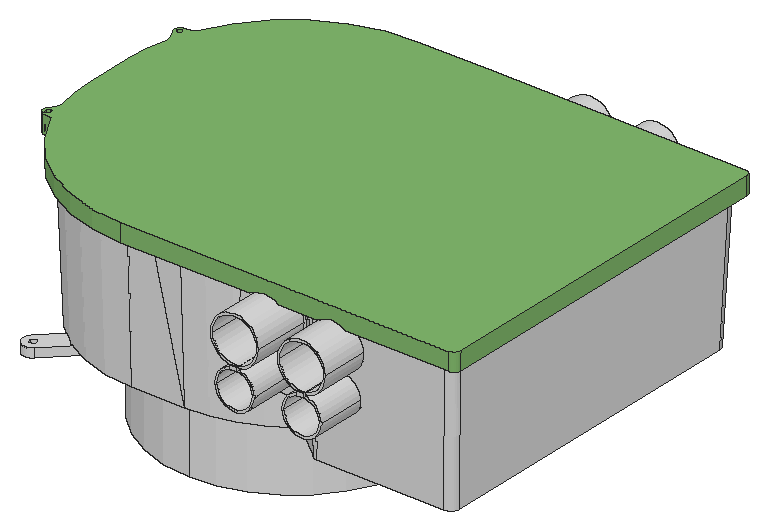
Revit family "E_Cable Junction Box_MEPcontent_Spelsberg_IBTronic XL Drillbox 150_INT-EN", category Electrical Fixtures, Revit 2017
Family settings
  Maintain Annotation Orientation = Yes
  Round Connector Dimension = Use Diameter
  Part Type = Junction Box
  OmniClass Number = 23.80.30.14.24
  OmniClass Title = Junction Boxes
  Work Plane-Based = No
  Always vertical = Yes
  Cut with Voids When Loaded = No
  Shared = No
  Room Calculation Point = No
Parameters (values of type "IBTronic XL Drillbox 150")
  Width = 252 mm
  Voltage = 230 V  # constant formula
  URL = ""
  Side Offset = 2.2 mm
  Side Distance = 11.3 mm
  Rotation W-Axis Total [instance] = [Rotation W-Axis Correction] + [Rotation W-Axis]  # 0.00°
  Rotation W-Axis Default Correction = 0.00°
  Rotation W-Axis Correction = 0.00°
  Rotation W-Axis [instance] = 0.00°
  Rotation V-Axis Total [instance] = [Rotation V-Axis Correction] + [Rotation V-Axis]  # 0.00°
  Rotation V-Axis Default Correction = 0.00°
  Rotation V-Axis Correction = 0.00°
  Rotation V-Axis [instance] = 0.00°
  Rotation U-Axis Total [instance] = [Rotation U-Axis Correction] + [Rotation U-Axis]  # 0.00°
  Rotation U-Axis Default Correction = 0.00°
  Rotation U-Axis Correction = 0.00°
  Rotation U-Axis [instance] = 0.00°
  Revit Version = "2017"  # constant formula
  Product Line = "Spelsberg"  # constant formula
  Power [instance] = 0 VA
  Placeholder Height [instance] = if(or(Bottom Offset < 50 mm, Bottom Offset = 50 mm), 45 mm, if(or(Bottom Offset = 75 mm, Bottom Offset > 75 mm), 70 mm, Bottom Offset - 5 mm))  # 45 mm
  Model = "IBTronic XL Drillbox 150"
  Manufacturer URL = "http://www.spelsberg.com/p/97680401"
  Manufacturer Art. No. = "97680401"
  Manufacturer = "Spelsberg"  # constant formula
  Length = 280 mm
  IFCExportType = "NOTDEFINED"  # constant formula
  IFCExportAs = "IfcJunctionBox"  # constant formula
  Height = 92 mm
  ETIM Article Class = "EC000414"  # constant formula
  Description = "Enclosure IBTronic XL Drillbox"
  Conduit Diameter 2 = 25 mm
  Conduit Diameter 1 = 20 mm
  Bottom Offset [instance] = 50 mm
  Article Type = "IBTronic XL Drillbox 150"
  Article Description = "Enclosure IBTronic XL Drillbox"
  3D Representation = 3DGeometry : 3DGeometry
Types (2, lengths in mm): name | Side Offset | Side Distance | Model | Manufacturer URL | Manufacturer Art. No. | Description | Conduit Diameter 2 | Conduit Diameter 1 | Bottom Offset | Article Type | Article Description
  IBTronic XL Drillbox 150 | 2.2 | 11.3 | "IBTronic XL Drillbox 150" | "http://www.spelsberg.com/p/97680401" | "97680401" | "Enclosure IBTronic XL Drillbox" | 25 | 20 | 50 | "IBTronic XL Drillbox 150" | "Enclosure IBTronic XL Drillbox"
  IBTronic XL Drillbox 150 E | 6 | 11.8 | "IBTronic XL Drillbox 150 E" | "http://www.spelsberg.com/p/97680402" | "97680402" | "Enclosure IBTronic XL Drillbox E" | 19 | 16 | 0 | "IBTronic XL Drillbox 150 E" | "Enclosure IBTronic XL Drillbox E"
Reference planes
  plane 1 "Center (Front/Back)": y = 0
  plane 2: z = 0
  plane 3 "Center (Left/Right)": x = 0
  plane 4: y = 105
  plane 5: y = -105
Dimensions and locks
  aligned and locked: level to plane 2
Nested families
  nested 1: "3DGeometry" at (0.625, 0.987, 45), type <- "3D Representation", Conduit Diameter 1 <- "Conduit Diameter 1", Conduit Diameter 2 <- "Conduit Diameter 2", Bottom Offset <- "Bottom Offset", Side <- "Side Offset", type "3DGeometry"
    with Side 2.2 mm, Conduit Outer Diameter 2 27.2 mm, Conduit Outer Diameter 1 22.2 mm, Conduit Diameter 2 25 mm, Conduit Diameter 1 20 mm, Bottom Offset Safe 50 mm, Bottom Offset 50 mm
  nested 2: "GeometryPlaceholder" at (0, 0, 0), Rotation v-axis <- "Rotation V-Axis Total", Rotation w-axis <- "Rotation W-Axis Total", Rotation u-axis <- "Rotation U-Axis Total", Height <- "Placeholder Height", type "GeometryPlaceholder", not visible
    with Width 10 mm, Rotation w-axis 0.00°, Rotation v-axis 0.00°, Rotation u-axis 0.00°, ModelBaseAngle 0.00°, Length 10 mm, Height 45 mm
Connectors
  cabletrayconduit at (67.125, -104.013, 90.007), diameter 20, driven by "Conduit Diameter 1"
    settings: on nested 1, index 2, connector width 300 mm, connector height 300 mm, connector angle 0.00°, system type 32, placement type 0, profile type 0, connector reference index -1, is primary connector no, connector utility param no, connector description "Conduit Individual Connector1"
  cabletrayconduit at (105.125, -104.013, 90.007), diameter 20, driven by "Conduit Diameter 1"
    settings: on nested 1, index 3, connector width 300 mm, connector height 300 mm, connector angle 0.00°, system type 32, placement type 0, profile type 0, connector reference index -1, is primary connector no, connector utility param no, connector description "Conduit Individual Connector2"
  cabletrayconduit at (105.125, 105.987, 90.007), diameter 20, driven by "Conduit Diameter 1"
    settings: on nested 1, index 4, connector width 300 mm, connector height 300 mm, connector angle 0.00°, system type 32, placement type 0, profile type 0, connector reference index -1, is primary connector no, connector utility param no, connector description "Conduit Individual Connector3"
  cabletrayconduit at (67.125, 105.987, 90.007), diameter 20, driven by "Conduit Diameter 1"
    settings: on nested 1, index 5, connector width 300 mm, connector height 300 mm, connector angle 0.00°, system type 32, placement type 0, profile type 0, connector reference index -1, is primary connector no, connector utility param no, connector description "Conduit Individual Connector4"
  cabletrayconduit at (67.125, -104.013, 115), diameter 25, driven by "Conduit Diameter 2"
    settings: on nested 1, index 6, connector width 300 mm, connector height 300 mm, connector angle 0.00°, system type 32, placement type 0, profile type 0, connector reference index -1, is primary connector yes, connector utility param no, connector description "Conduit Individual Connector5"
  cabletrayconduit at (105.125, -104.013, 115), diameter 25, driven by "Conduit Diameter 2"
    settings: on nested 1, index 7, connector width 300 mm, connector height 300 mm, connector angle 0.00°, system type 32, placement type 0, profile type 0, connector reference index -1, is primary connector no, connector utility param no, connector description "Conduit Individual Connector6"
  cabletrayconduit at (105.125, 105.987, 115), diameter 25, driven by "Conduit Diameter 2"
    settings: on nested 1, index 8, connector width 300 mm, connector height 300 mm, connector angle 0.00°, system type 32, placement type 0, profile type 0, connector reference index -1, is primary connector no, connector utility param no, connector description "Conduit Individual Connector7"
  cabletrayconduit at (67.125, 105.987, 115), diameter 25, driven by "Conduit Diameter 2"
    settings: on nested 1, index 9, connector width 300 mm, connector height 300 mm, connector angle 0.00°, system type 32, placement type 0, profile type 0, connector reference index -1, is primary connector no, connector utility param no, connector description "Conduit Individual Connector8"
Definition of nested family "3DGeometry"
  Parameters (values of type "3DGeometry")
    White = none
    Type Comments = "﻿﻿           ﻿   ﻿                                      ​         ​                                                           ﻿﻿"
    Side Offset = 11.3 mm
    Side [instance] = 2.5 mm
    Keynote = "﻿﻿           ﻿   ﻿                                      ​         ​                                                           ﻿﻿"
    Green = none
    Conduit Outer Diameter 2 [instance] = Conduit Diameter 2 + 2.2 mm  # 27.2 mm
    Conduit Outer Diameter 1 [instance] = Conduit Diameter 1 + 2.2 mm  # 22.2 mm
    Conduit Diameter 2 [instance] = 25 mm
    Conduit Diameter 1 [instance] = 20 mm
    Bottom Offset [instance] = 50 mm
    Description = "﻿﻿           ﻿   ﻿                                      ​         ​                                                           ﻿﻿"
    Default Elevation = 0 mm
    Bottom Offset Safe [instance] = if(Bottom Offset < 50 mm, 50 mm, if(Bottom Offset > 75 mm, 75 mm, Bottom Offset))  # 50 mm
    Assembly Code = "﻿﻿           ﻿   ﻿                                      ​         ​                                                           ﻿﻿"
  Reference planes
    plane 1 "Center (Front/Back)": y = 0
    plane 2: z = 0
    plane 3 "Center (Left/Right)": x = 0
    plane 4: through (-99.791, 45.102, 1135) normal (0.4226, 0.9063, 0)
    plane 5: through (-99.791, -45.102, 1135) normal (-0.4226, 0.9063, 0)
    plane 6: x = 66.5
    plane 7: x = 104.5
    plane 8: z = 70
    plane 9: z = 45.007
    plane 10: z = -45
    plane 11: z = 5
    plane 12: x = -105
    plane 13: x = 175
    plane 14: z = -32.5
    plane 15: z = 56.307
    plane 16: z = 57.557
    plane 17: z = 55.057
  Forms (mm)
    Extrusion 1, solid
      sketch origin (0, 0, 0) x (1, 0, 0) y (0, 1, 0)
        loop
          line (-1219.2, 1219.2) -> (-1219.2, -1219.2) -> (1219.2, -1219.2) -> (1219.2, 1219.2) -> (-1219.2, 1219.2)
      from 0 to -304.8
    Extrusion 2, solid, material <- "Green", detail levels fine
      sketch origin (25, 35.905, 77.282) x (-1, 0, 0) y (0, 1, 0)
        loop
          arc (-146.04, 69.095) -> (-148.84, 67.935) -> (-150, 65.135) r 3.96
          line (-150, 65.135) -> (-150, -136.945)
          arc (-150, -136.945) -> (-148.84, -139.745) -> (-146.04, -140.905) r 3.96
          line (-146.04, -140.905) -> (39.969, -140.905)
          arc (39.969, -140.905) -> (88.989, -126.389) -> (122.203, -87.524) r 90.031
          arc (122.203, -87.524) -> (122.717, -86.78) -> (123.516, -86.356) r 1.914
          line (123.516, -86.356) -> (128.333, -85.433)
          arc (128.333, -85.433) -> (130.678, -83.314) -> (130, -80.228) r 3.147
          line (130, -80.228) -> (127.523, -75.828)
          arc (127.523, -75.828) -> (127.125, -74.459) -> (127.23, -73.036) r 4.026
          arc (127.23, -73.036) -> (129.32, -62.043) -> (130, -50.874) r 88.148
          line (130, -50.874) -> (130, -20.936)
          arc (130, -20.936) -> (129.305, -9.768) -> (127.23, 1.226) r 90.031
          arc (127.23, 1.226) -> (127.125, 2.649) -> (127.523, 4.018) r 4.026
          line (127.523, 4.018) -> (130, 8.642)
          arc (130, 8.642) -> (130.517, 11.523) -> (128.333, 13.473) r 3
          line (128.333, 13.473) -> (123.516, 14.546)
          arc (123.516, 14.546) -> (122.717, 14.97) -> (122.203, 15.714) r 1.914
          arc (122.203, 15.714) -> (88.989, 54.58) -> (39.969, 69.095) r 90.031
          line (39.969, 69.095) -> (0, 69.095) -> (-146.04, 69.095)
        loop
          circle (127.681, 10.545) r 1.5
        loop
          circle (127.681, -82.355) r 1.5
      from -14.718 to -4.718
    Revolve 3, solid, material <- "White", detail levels fine
      sketch origin (0, 0, 128.408) x (0, 1, 0) y (0, 0, 1)
        loop
          line (-75, -173.408) -> (-72.5, -173.408) -> (-72.5, -123.408) -> (-78.883, -123.408) -> (-78.883, -127.025) -> (-75, -128.25) -> (-75, -173.408)
        axis (0, -173.408) -> (0, -123.408)
      angle from 0 to 360
    Blend 4, solid, material <- "White", detail levels fine
      base sketch origin (0, 35.905, 77.408) x (-1, 0, 0) y (0, -1, 0)
        loop
          line (-15, -61.095) -> (15, -61.095)
          arc (15, -61.095) -> (72.983, -37.078) -> (97, 20.905) r 82
          line (97, 20.905) -> (97, 35.905) -> (97, 50.905)
          arc (97, 50.905) -> (72.983, 108.888) -> (15, 132.905) r 82
          line (15, 132.905) -> (-15, 132.905)
          arc (-15, 132.905) -> (-40.837, 128.728) -> (-64.043, 116.623) r 82
          arc (-64.043, 116.623) -> (-66.461, 115.934) -> (-68.917, 116.47) r 5.159
          line (-68.917, 116.47) -> (-87.866, 132.405)
          arc (-87.866, 132.405) -> (-88.766, 132.778) -> (-89.732, 132.905) r 3.732
          line (-89.732, 132.905) -> (-162, 132.905)
          arc (-162, 132.905) -> (-165.536, 131.44) -> (-167, 127.905) r 5
          line (-167, 127.905) -> (-167, -56.095)
          arc (-167, -56.095) -> (-165.536, -59.631) -> (-162, -61.095) r 5
          line (-162, -61.095) -> (-89.726, -61.095)
          arc (-89.726, -61.095) -> (-88.76, -60.968) -> (-87.86, -60.595) r 3.732
          line (-87.86, -60.595) -> (-68.89, -44.633)
          arc (-68.89, -44.633) -> (-66.503, -44.013) -> (-64.145, -44.736) r 4.529
          arc (-64.145, -44.736) -> (-40.898, -56.898) -> (-15, -61.095) r 82
      top sketch origin (0, 35.905, 77.408) x (-1, 0, 0) y (0, -1, 0)
        loop
          arc (15, -64.095) -> (75.104, -39.199) -> (100, 20.905) r 85
          line (100, 20.905) -> (100, 35.905) -> (100, 50.905)
          arc (100, 50.905) -> (75.104, 111.009) -> (15, 135.905) r 85
          line (15, 135.905) -> (0, 135.905) -> (-15, 135.905)
          arc (-15, 135.905) -> (-41.783, 131.575) -> (-65.837, 119.027) r 85
          arc (-65.837, 119.027) -> (-66.534, 118.738) -> (-67.231, 119.027) r 0.986
          line (-67.231, 119.027) -> (-85.982, 134.764)
          arc (-85.982, 134.764) -> (-87.772, 135.613) -> (-89.732, 135.905) r 6.732
          line (-89.732, 135.905) -> (-165, 135.905)
          arc (-165, 135.905) -> (-168.536, 134.44) -> (-170, 130.905) r 5
          line (-170, 130.905) -> (-170, -59.095)
          arc (-170, -59.095) -> (-168.536, -62.631) -> (-165, -64.095) r 5
          line (-165, -64.095) -> (-89.726, -64.095)
          arc (-89.726, -64.095) -> (-87.766, -63.804) -> (-85.977, -62.954) r 6.732
          line (-85.977, -62.954) -> (-67.231, -47.217)
          arc (-67.231, -47.217) -> (-66.534, -46.928) -> (-65.837, -47.217) r 0.986
          arc (-65.837, -47.217) -> (-41.783, -59.765) -> (-15, -64.095) r 85
          line (-15, -64.095) -> (0, -64.095) -> (15, -64.095)
      from -72.408 to 4.592
    Extrusion 5, solid, material <- "White", detail levels fine
      sketch origin (0, 0, -45) x (1, 0, 0) y (0, 0, 1)
        loop
          circle (66.5, 90.007) r 11.1
        loop
          circle (66.5, 90.007) r 10
      from 94.355 to 126
    Extrusion 6, solid, material <- "White", detail levels fine
      sketch origin (0, 0, -45) x (1, 0, 0) y (0, 0, 1)
        loop
          circle (104.5, 115) r 13.6
        loop
          circle (104.5, 115) r 12.5
      from 98.216 to 126
    Extrusion 7, solid, material <- "White", detail levels fine
      sketch origin (0, 0, -45) x (1, 0, 0) y (0, 0, 1)
        loop
          circle (66.5, 115) r 13.6
        loop
          circle (66.5, 115) r 12.5
      from 94.355 to 126
    Extrusion 8, solid, material <- "White", detail levels fine
      sketch origin (0, 35.905, 77.408) x (-1, 0, 0) y (0, -1, 0)
        loop
          line (-84.11, 130.259) -> (-67.24, 116.101)
          arc (-67.24, 116.101) -> (-66.543, 115.812) -> (-65.845, 116.101) r 0.986
          arc (-65.845, 116.101) -> (-51.779, 124.614) -> (-36.336, 130.259) r 85
          line (-36.336, 130.259) -> (-84.11, 130.259)
      from -47.408 to 4.592
    Extrusion 9, solid, material <- "White", detail levels fine
      sketch origin (0, 0, -45) x (1, 0, 0) y (0, 0, -1)
        loop
          circle (66.5, -90.007) r 11.1
        loop
          circle (66.5, -90.007) r 10
      from 95 to 126
    Extrusion 10, solid, material <- "White", detail levels fine
      sketch origin (0, 0, -45) x (1, 0, 0) y (0, 0, -1)
        loop
          circle (66.5, -115) r 13.6
        loop
          circle (66.5, -115) r 12.5
      from 95 to 126
    Extrusion 11, solid, material <- "White", detail levels fine
      sketch origin (0, 0, -45) x (1, 0, 0) y (0, 0, -1)
        loop
          circle (104.5, -115) r 13.6
        loop
          circle (104.5, -115) r 12.5
      from 97 to 126
    Extrusion 12, solid, material <- "White", detail levels fine
      sketch origin (0, 0, -45) x (1, 0, 0) y (0, 0, 1)
        loop
          circle (104.5, 90.007) r 11.1
        loop
          circle (104.5, 90.007) r 10
      from -126 to -95.5
    Extrusion 13, solid, material <- "White", detail levels fine
      sketch origin (0, 35.905, 77.408) x (-1, 0, 0) y (0, -1, 0)
        loop
          circle (-150, -34.005) r 6
        loop
          circle (-150, 105.815) r 6
        loop
          circle (-104.5, 35.905) r 6
      from -77.408 to -74.408
    Extrusion 14, solid, material <- "White", detail levels fine
      sketch origin (0, 35.905, 77.408) x (-1, 0, 0) y (0, -1, 0)
        loop
          circle (-150, -34.005) r 8
        loop
          circle (-150, 105.815) r 8
        loop
          circle (-104.5, 35.905) r 8
      from -74.408 to -72.408
    Extrusion 15, solid, material <- "White", detail levels fine
      sketch origin (0.315, -35.259, 77.408) x (1, 0, 0) y (0, 1, 0)
        loop
          line (84.11, 130.259) -> (36.336, 130.259)
          arc (36.336, 130.259) -> (51.779, 124.614) -> (65.845, 116.101) r 85
          arc (65.845, 116.101) -> (66.543, 115.812) -> (67.24, 116.101) r 0.986
          line (67.24, 116.101) -> (84.11, 130.259)
      from -47.408 to 4.592
    Extrusion 16, solid, material <- "White", detail levels fine
      sketch origin (0, 0, -45) x (1, 0, 0) y (0, 0, 1)
        loop
          circle (104.5, 90.007) r 11.1
        loop
          circle (104.5, 90.007) r 10
      from 95.5 to 126
    Extrusion 17, void
      sketch origin (-370.203, -105, 1155) x (1, 0, 0) y (0, 0, 1)
        loop
          line (429.492, -1073) -> (443.914, -1073) -> (445.152, -1073)
          arc (445.152, -1073) -> (436.751, -1070.427) -> (428.35, -1073) r 15
          line (428.35, -1073) -> (429.492, -1073)
      from -210 to 0
    Extrusion 18, void
      sketch origin (-332.203, -105, 1155) x (1, 0, 0) y (0, 0, 1)
        loop
          arc (445.152, -1073) -> (436.751, -1070.427) -> (428.35, -1073) r 15
          line (428.35, -1073) -> (445.152, -1073)
      from -210 to 0
    Extrusion 19, solid, material <- "White", detail levels fine
      sketch origin (104.5, -1524, 146.212) x (0, 0, 1) y (0, -1, 0)
        loop
          line (-88.655, -1398) -> (-88.655, -1397) -> (-91.155, -1397) -> (-91.155, -1651) -> (-88.655, -1651) -> (-88.655, -1398)
      from -2 to 2
    Extrusion 20, solid, material <- "White", detail levels fine
      sketch origin (66.5, -1524, 146.212) x (0, 0, 1) y (0, -1, 0)
        loop
          line (-91.155, -1397) -> (-91.155, -1651) -> (-88.655, -1651) -> (-88.655, -1397) -> (-91.155, -1397)
      from -2 to 2
    Extrusion 21, solid, detail levels coarse+medium
      sketch origin (0, 0, 0) x (1, 0, 0) y (0, 1, 0)
        loop
          circle (0, 0) r 75
      from 5 to -45
    Extrusion 22, solid, detail levels coarse+medium
      sketch origin (-97, -4572, 5) x (0, -1, 0) y (-1, 0, 0)
        loop
          line (-4677, -272) -> (-4467, -272) -> (-4467, -82.031)
          arc (-4467, -82.031) -> (-4483.467, -30.128) -> (-4526.844, 2.789) r 90.031
          arc (-4526.844, 2.789) -> (-4541.714, 6.688) -> (-4557.031, 8) r 90.031
          line (-4557.031, 8) -> (-4586.969, 8)
          arc (-4586.969, 8) -> (-4602.286, 6.688) -> (-4617.156, 2.789) r 90.031
          arc (-4617.156, 2.789) -> (-4660.533, -30.128) -> (-4677, -82.031) r 90.031
          line (-4677, -82.031) -> (-4677, -122) -> (-4677, -272)
      from 0 to -87
    Extrusion 23, solid, material <- "White", detail levels fine
      sketch origin (-77.5, -4572, -45) x (0, -1, 0) y (-1, 0, 0)
        loop
          circle (-4572, -77.5) r 72.5
        loop
          circle (-4572, -77.5) r 4
        loop
          circle (-4572, -9.631) r 2
        loop
          circle (-4618.598, -124.098) r 2
        loop
          circle (-4525.402, -124.098) r 2
      from 0 to -12.5
    Extrusion 24, solid, material <- "White", detail levels fine
      sketch origin (0, 0, 0) x (1, 0, 0) y (0, 1, 0)
        loop
          line (-56.335, -65.273) -> (-78.869, -87.807)
          arc (-78.869, -87.807) -> (-78.869, -96.242) -> (-70.434, -96.242) r 5.965
          line (-70.434, -96.242) -> (-47.9, -73.708)
          arc (-47.9, -73.708) -> (-47.9, -65.273) -> (-56.335, -65.273) r 5.965
        loop
          circle (-52.117, -69.49) r 2
        loop
          circle (-74.651, -92.024) r 2
        loop
          arc (-56.335, 65.273) -> (-47.9, 65.273) -> (-47.9, 73.708) r 5.965
          line (-47.9, 73.708) -> (-70.434, 96.242)
          arc (-70.434, 96.242) -> (-78.869, 96.242) -> (-78.869, 87.807) r 5.965
          line (-78.869, 87.807) -> (-56.335, 65.273)
        loop
          circle (-52.117, 69.49) r 2
        loop
          circle (-74.651, 92.024) r 2
      from 0 to 5
    Extrusion 25, solid, detail levels coarse+medium
      sketch origin (0, 0, 0) x (1, 0, 0) y (0, 0, 1)
        loop
          circle (66.5, 70) r 13.6
        loop
          circle (104.5, 70) r 13.6
        loop
          circle (66.5, 45.007) r 11.1
        loop
          circle (104.5, 45.007) r 11.1
      from -105 to 105
  Cuts and joins
    Extrusion 17, Extrusion 18 cuts Extrusion 2
  Dimensions and locks
    Extrusion 11 to Extrusion 6 = 252 mm
    cut or joined group of Extrusion 2, Extrusion 17, Extrusion 18 to Blend 4 = 87 mm
    plane 6 to plane 3 "Center (Left/Right)" = 66.5 mm
    plane 6 to plane 7 = 38 mm
    plane 9 to Blend 4 = 40.007 mm
    plane 8 to plane 9 = 24.993 mm
    locked: plane 11 to plane 2 at 5
    "Bottom Offset Safe": plane 11 to plane 10
    plane 12 to plane 13 = 280 mm
    cut or joined group of Extrusion 2, Extrusion 17, Extrusion 18 to cut or joined group of Extrusion 2, Extrusion 17, Extrusion 18 = 210 mm
    locked: plane 14 to plane 10 at 12.5
    "Side Offset": plane 15 to plane 9
    equal spacing: plane 16, plane 15, plane 17
    "Side": plane 16 to plane 17
    radius of Extrusion 13 sketch curve = 6 mm  (x3)
    radius of Extrusion 14 sketch curve = 8 mm  (x2)
    "Conduit Diameter 2": diameter of Extrusion 7 sketch curve
    "Conduit Diameter 2": diameter of Extrusion 6 sketch curve
    "Conduit Diameter 2": diameter of Extrusion 10 sketch curve
    "Conduit Diameter 2": diameter of Extrusion 11 sketch curve
    "Conduit Diameter 1": diameter of Extrusion 5 sketch curve
    "Conduit Diameter 1": diameter of Extrusion 9 sketch curve
    "Conduit Diameter 1": diameter of Extrusion 16 sketch curve
    "Conduit Diameter 1": diameter of Extrusion 12 sketch curve
    "Conduit Outer Diameter 2": diameter of Extrusion 7 sketch curve
    "Conduit Outer Diameter 2": diameter of Extrusion 6 sketch curve
    "Conduit Outer Diameter 1": diameter of Extrusion 16 sketch curve
    "Conduit Outer Diameter 1": diameter of Extrusion 5 sketch curve
    "Conduit Outer Diameter 2": diameter of Extrusion 11 sketch curve
    "Conduit Outer Diameter 2": diameter of Extrusion 10 sketch curve
    "Conduit Outer Diameter 1": diameter of Extrusion 9 sketch curve
    "Conduit Outer Diameter 1": diameter of Extrusion 12 sketch curve
    "Conduit Outer Diameter 2": diameter of Extrusion 25 sketch curve  (x2)
    "Conduit Outer Diameter 1": diameter of Extrusion 25 sketch curve  (x2)
    aligned and locked: plane 2 to Extrusion 1
    aligned and locked: level to Extrusion 1
    aligned and locked: Extrusion 5 to Extrusion 8
    aligned and locked: Extrusion 10 to Extrusion 9  (x2)
    aligned and locked: Extrusion 7 to Extrusion 5  (x2)
    aligned and locked: Extrusion 5 to Extrusion 6
    aligned and locked: Extrusion 13 to Extrusion 14
    aligned and locked: Extrusion 11 to Extrusion 12
    aligned and locked: Blend 4 to Extrusion 11
    aligned and locked: Extrusion 10 to Extrusion 15
    aligned and locked: Extrusion 5 to Extrusion 16
    aligned and locked: Extrusion 7 to Extrusion 6
    aligned and locked: Extrusion 6 to Extrusion 16
    aligned and locked: Blend 4 to Extrusion 8
    aligned and locked: Extrusion 23 to plane 14
    aligned and locked: plane 16 to Extrusion 20
    aligned and locked: Extrusion 20 to plane 17
    aligned and locked: plane 16 to Extrusion 19
    aligned and locked: Extrusion 19 to plane 17
    aligned and locked: plane 10 to Extrusion 21
  Automatic sketch dimensions
    Extrusion 1 sketch curve to Extrusion 1 sketch curve = 2438.4 mm  (x2)
    plane 1 "Center (Front/Back)" to Blend 4 sketch curve = 0 mm  (x2)
    Blend 4 sketch curve to plane 7 = 62.5 mm
    Blend 4 sketch curve to Blend 4 sketch curve = 5 mm  (x3)
    plane 7 to Blend 4 sketch curve = 14.768 mm
    plane 7 to Blend 4 sketch curve = 14.774 mm
    Blend 4 sketch curve to Blend 4 sketch curve = 1.866 mm  (x2)
    Blend 4 sketch curve to plane 6 = 2.417 mm
    Blend 4 sketch curve to plane 6 = 2.39 mm
    Blend 4 sketch curve to plane 6 = 0.122 mm
    Blend 4 sketch curve to plane 6 = 0.101 mm
    plane 3 "Center (Left/Right)" to Blend 4 sketch curve = 15 mm  (x3)
    Blend 4 sketch curve to plane 3 "Center (Left/Right)" = 15 mm  (x3)
    plane 1 "Center (Front/Back)" to Blend 4 sketch curve = 15 mm  (x4)
    Blend 4 sketch curve to Blend 4 sketch curve = 82 mm
    Blend 4 sketch curve to plane 1 "Center (Front/Back)" = 15 mm  (x4)
    Blend 4 sketch curve to Blend 4 sketch curve = 16.462 mm
    Blend 4 sketch curve to Blend 4 sketch curve = 3.909 mm
    Blend 4 sketch curve to plane 1 "Center (Front/Back)" = 92 mm
    Blend 4 sketch curve to Blend 4 sketch curve = 3.732 mm  (x2)
    Blend 4 sketch curve to Blend 4 sketch curve = 16.435 mm
    Blend 4 sketch curve to Blend 4 sketch curve = 4.62 mm
    plane 1 "Center (Front/Back)" to Blend 4 sketch curve = 92 mm
    Blend 4 sketch curve to plane 3 "Center (Left/Right)" = 0 mm  (x2)
    Blend 4 sketch curve to Blend 4 sketch curve = 15 mm  (x2)
    Blend 4 sketch curve to plane 6 = 0.034 mm  (x2)
    Blend 4 sketch curve to plane 6 = 0.731 mm  (x2)
    plane 7 to Blend 4 sketch curve = 18.523 mm
    plane 7 to Blend 4 sketch curve = 18.518 mm
    Blend 4 sketch curve to Blend 4 sketch curve = 3.749 mm  (x2)
    Blend 4 sketch curve to plane 7 = 60.5 mm  (x2)
    Blend 4 sketch curve to Blend 4 sketch curve = 85 mm
    Blend 4 sketch curve to Blend 4 sketch curve = 16.878 mm  (x2)
    Blend 4 sketch curve to Blend 4 sketch curve = 0.697 mm  (x2)
    Blend 4 sketch curve to Blend 4 sketch curve = 10.146 mm  (x2)
    Blend 4 sketch curve to Blend 4 sketch curve = 1.732 mm  (x2)
    Extrusion 8 sketch curve to plane 6 = 17.61 mm
    Extrusion 8 sketch curve to plane 6 = 0.74 mm
    Extrusion 8 sketch curve to plane 6 = 0.043 mm
    plane 6 to Extrusion 8 sketch curve = 30.164 mm
    plane 3 "Center (Left/Right)" to Extrusion 8 sketch curve = 15.008 mm
    plane 1 "Center (Front/Back)" to Extrusion 8 sketch curve = 12.074 mm
    plane 1 "Center (Front/Back)" to Extrusion 8 sketch curve = 80.196 mm
    Extrusion 8 sketch curve to Extrusion 8 sketch curve = 0.697 mm
    Extrusion 8 sketch curve to Extrusion 8 sketch curve = 13.461 mm
    plane 1 "Center (Front/Back)" to Extrusion 13 sketch curve = 0 mm
    Extrusion 13 sketch curve to plane 7 = 0 mm
    Extrusion 13 sketch curve to plane 7 = 45.5 mm  (x2)
    Extrusion 13 sketch curve to plane 1 "Center (Front/Back)" = 69.91 mm
    plane 1 "Center (Front/Back)" to Extrusion 13 sketch curve = 69.91 mm
    plane 1 "Center (Front/Back)" to Extrusion 14 sketch curve = 0 mm
    Extrusion 14 sketch curve to plane 7 = 0 mm
    Extrusion 14 sketch curve to plane 7 = 45.5 mm  (x2)
    Extrusion 14 sketch curve to plane 1 "Center (Front/Back)" = 69.91 mm
    plane 1 "Center (Front/Back)" to Extrusion 14 sketch curve = 69.91 mm
    plane 3 "Center (Left/Right)" to Extrusion 15 sketch curve = 15.323 mm
    plane 6 to Extrusion 15 sketch curve = 29.849 mm
    Extrusion 15 sketch curve to plane 6 = 0.357 mm
    Extrusion 15 sketch curve to Extrusion 15 sketch curve = 0.697 mm  (x2)
    Extrusion 15 sketch curve to plane 6 = 17.925 mm
    Extrusion 15 sketch curve to plane 1 "Center (Front/Back)" = 12.719 mm
    Extrusion 15 sketch curve to plane 1 "Center (Front/Back)" = 80.841 mm
    Extrusion 15 sketch curve to Extrusion 15 sketch curve = 13.461 mm
    Extrusion 18 sketch curve to plane 7 = 8.448 mm
    Extrusion 18 sketch curve to plane 7 = 0.047 mm
    Extrusion 18 sketch curve to plane 8 = 0.427 mm
    plane 8 to Extrusion 18 sketch curve = 12 mm
    plane 6 to Extrusion 17 sketch curve = 7.211 mm
    Extrusion 17 sketch curve to Extrusion 17 sketch curve = 1.142 mm
    Extrusion 17 sketch curve to plane 6 = 0.047 mm
    Extrusion 17 sketch curve to plane 8 = 0.427 mm
    plane 8 to Extrusion 17 sketch curve = 12 mm
    Extrusion 17 sketch curve to Extrusion 17 sketch curve = 1.237 mm
    plane 1 "Center (Front/Back)" to Extrusion 21 sketch curve = 0 mm
    Extrusion 21 sketch curve to plane 3 "Center (Left/Right)" = 0 mm
    Extrusion 2 sketch curve to Extrusion 2 sketch curve = 0 mm  (x6)
    Extrusion 2 sketch curve to plane 13 = 0 mm
    plane 5 to Extrusion 2 sketch curve = 0 mm
    Extrusion 2 sketch curve to plane 4 = 0 mm
    Extrusion 2 sketch curve to plane 12 = 0 mm  (x3)
    Extrusion 2 sketch curve to Extrusion 2 sketch curve = 3.96 mm
    plane 13 to Extrusion 2 sketch curve = 3.96 mm
    plane 3 "Center (Left/Right)" to Extrusion 2 sketch curve = 25 mm
    Extrusion 2 sketch curve to plane 3 "Center (Left/Right)" = 14.969 mm  (x2)
    Extrusion 2 sketch curve to Extrusion 2 sketch curve = 1.883 mm
    Extrusion 2 sketch curve to plane 12 = 6.484 mm  (x2)
    Extrusion 2 sketch curve to Extrusion 2 sketch curve = 0.473 mm  (x2)
    Extrusion 2 sketch curve to plane 12 = 2.477 mm  (x2)
    Extrusion 2 sketch curve to plane 12 = 2.319 mm  (x2)
    Extrusion 2 sketch curve to plane 12 = 1.667 mm  (x2)
    plane 12 to Extrusion 2 sketch curve = 1.129 mm  (x2)
    Extrusion 2 sketch curve to Extrusion 2 sketch curve = 2.928 mm
    Extrusion 2 sketch curve to Extrusion 2 sketch curve = 1.073 mm
    Extrusion 2 sketch curve to Extrusion 2 sketch curve = 1.854 mm  (x2)
    Extrusion 2 sketch curve to plane 1 "Center (Front/Back)" = 101.04 mm
    Extrusion 2 sketch curve to Extrusion 2 sketch curve = 4.623 mm
    Extrusion 2 sketch curve to Extrusion 2 sketch curve = 1.79 mm
    Extrusion 2 sketch curve to plane 1 "Center (Front/Back)" = 14.969 mm
    plane 1 "Center (Front/Back)" to Extrusion 2 sketch curve = 14.969 mm  (x2)
    Extrusion 2 sketch curve to Extrusion 2 sketch curve = 0.235 mm
    Extrusion 2 sketch curve to Extrusion 2 sketch curve = 8.317 mm
    Extrusion 2 sketch curve to Extrusion 2 sketch curve = 2.792 mm
    Extrusion 2 sketch curve to Extrusion 2 sketch curve = 2.127 mm
    Extrusion 2 sketch curve to Extrusion 2 sketch curve = 0.923 mm
    Extrusion 2 sketch curve to Extrusion 2 sketch curve = 89.795 mm
    Extrusion 24 sketch curve to Extrusion 24 sketch curve = 0 mm  (x8)
    Extrusion 24 sketch curve to plane 12 = 26.131 mm  (x2)
    Extrusion 24 sketch curve to Extrusion 24 sketch curve = 4.218 mm  (x12)
    Extrusion 24 sketch curve to Extrusion 24 sketch curve = 22.534 mm  (x4)
    plane 1 "Center (Front/Back)" to Extrusion 24 sketch curve = 96.242 mm
    Extrusion 24 sketch curve to plane 1 "Center (Front/Back)" = 65.273 mm
    plane 9 to Extrusion 19 sketch curve = 10.05 mm
    Extrusion 19 sketch curve to Extrusion 19 sketch curve = 2.5 mm
    Extrusion 19 sketch curve to plane 1 "Center (Front/Back)" = 127 mm
    Extrusion 19 sketch curve to Extrusion 19 sketch curve = 253 mm
    Extrusion 19 sketch curve to Extrusion 19 sketch curve = 1 mm
    plane 9 to Extrusion 20 sketch curve = 10.05 mm
    Extrusion 20 sketch curve to Extrusion 20 sketch curve = 2.5 mm
    Extrusion 20 sketch curve to plane 1 "Center (Front/Back)" = 127 mm
    Extrusion 20 sketch curve to Extrusion 20 sketch curve = 254 mm
    Extrusion 22 sketch curve to Extrusion 22 sketch curve = 0 mm  (x4)
    Extrusion 22 sketch curve to plane 13 = 0 mm
    Extrusion 22 sketch curve to plane 12 = 0 mm
    plane 3 "Center (Left/Right)" to Extrusion 22 sketch curve = 25 mm
    Extrusion 22 sketch curve to plane 1 "Center (Front/Back)" = 105 mm
    Extrusion 22 sketch curve to plane 1 "Center (Front/Back)" = 14.969 mm
    plane 1 "Center (Front/Back)" to Extrusion 22 sketch curve = 14.969 mm
    Extrusion 22 sketch curve to plane 3 "Center (Left/Right)" = 14.969 mm
    Extrusion 22 sketch curve to plane 12 = 5.211 mm  (x2)
    plane 11 to Revolve 3 sketch curve = 0 mm
    plane 10 to Revolve 3 sketch curve = 0 mm
    Revolve 3 sketch curve to plane 1 "Center (Front/Back)" = 0 mm
    plane 1 "Center (Front/Back)" to Revolve 3 sketch curve = 72.5 mm
    Revolve 3 sketch curve to Revolve 3 sketch curve = 2.5 mm
    Revolve 3 sketch curve to Revolve 3 sketch curve = 6.383 mm
    level to Revolve 3 sketch curve = 1.383 mm
    plane 10 to Revolve 3 sketch curve = 2568.066 mm
    level to Revolve 3 sketch curve = 0.158 mm
    plane 8 to Revolve 3 sketch curve = 579.4 mm
    Extrusion 23 sketch curve to Extrusion 23 sketch curve = 0 mm  (x2)
    plane 1 "Center (Front/Back)" to Extrusion 23 sketch curve = 0 mm  (x2)
    Extrusion 23 sketch curve to plane 3 "Center (Left/Right)" = 0 mm
    plane 6 to Extrusion 23 sketch curve = 19.902 mm  (x2)
    Extrusion 23 sketch curve to plane 1 "Center (Front/Back)" = 46.598 mm
    plane 1 "Center (Front/Back)" to Extrusion 23 sketch curve = 46.598 mm
    Extrusion 23 sketch curve to plane 12 = 37.131 mm
    Extrusion 5 sketch curve to Extrusion 5 sketch curve = 0 mm  (x2)
    plane 6 to Extrusion 5 sketch curve = 0 mm
    Extrusion 5 sketch curve to plane 9 = 0 mm
    Extrusion 6 sketch curve to Extrusion 6 sketch curve = 0 mm  (x2)
    plane 7 to Extrusion 6 sketch curve = 0 mm
    Extrusion 6 sketch curve to plane 8 = 0 mm
    Extrusion 7 sketch curve to Extrusion 7 sketch curve = 0 mm  (x2)
    plane 6 to Extrusion 7 sketch curve = 0 mm
    Extrusion 7 sketch curve to plane 8 = 0 mm
    Extrusion 9 sketch curve to Extrusion 9 sketch curve = 0 mm  (x2)
    Extrusion 9 sketch curve to plane 6 = 0 mm
    Extrusion 9 sketch curve to plane 9 = 0 mm
    Extrusion 10 sketch curve to Extrusion 10 sketch curve = 0 mm  (x2)
    Extrusion 10 sketch curve to plane 6 = 0 mm
    Extrusion 10 sketch curve to plane 8 = 0 mm
    Extrusion 11 sketch curve to Extrusion 11 sketch curve = 0 mm  (x2)
    Extrusion 11 sketch curve to plane 7 = 0 mm
    Extrusion 11 sketch curve to plane 8 = 0 mm
    Extrusion 12 sketch curve to Extrusion 12 sketch curve = 0 mm  (x2)
    plane 7 to Extrusion 12 sketch curve = 0 mm
    Extrusion 12 sketch curve to plane 9 = 0 mm
    Extrusion 16 sketch curve to Extrusion 16 sketch curve = 0 mm  (x2)
    plane 7 to Extrusion 16 sketch curve = 0 mm
    Extrusion 16 sketch curve to plane 9 = 0 mm
    Extrusion 25 sketch curve to Extrusion 25 sketch curve = 0 mm  (x4)
    Extrusion 25 sketch curve to plane 9 = 0 mm  (x2)
    plane 6 to Extrusion 25 sketch curve = 0 mm  (x2)
    plane 7 to Extrusion 25 sketch curve = 0 mm  (x2)
    Extrusion 25 sketch curve to plane 8 = 0 mm  (x2)
    radius of Extrusion 14 sketch curve = 8 mm
    radius of Extrusion 21 sketch curve = 75 mm
    radius of Extrusion 2 sketch curve = 1.5 mm  (x2)
    radius of Extrusion 24 sketch curve = 2 mm  (x4)
    radius of Extrusion 23 sketch curve = 72.5 mm
    radius of Extrusion 23 sketch curve = 4 mm
    radius of Extrusion 23 sketch curve = 2 mm  (x3)
